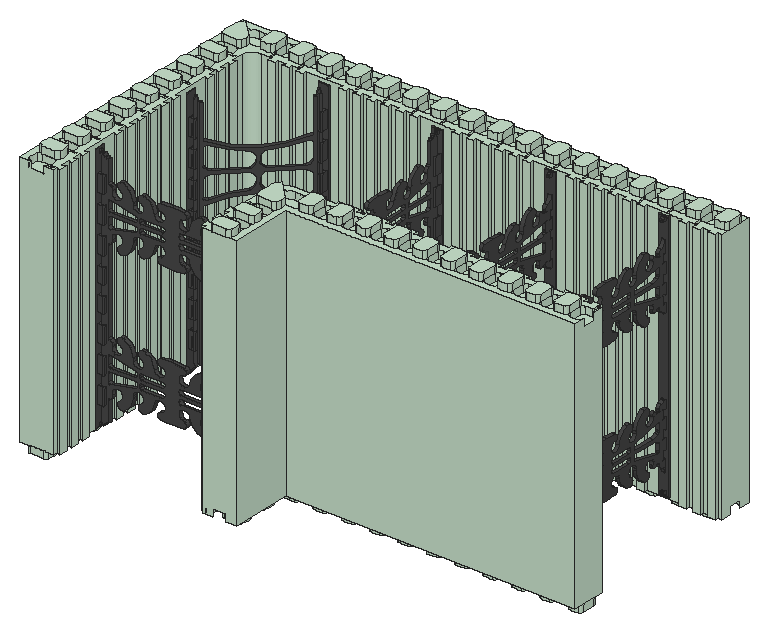
Revit family "ICF- NUDURA 10-inch- 90 Degree Form Unit- Imperial", category Generic Models, Revit 2010
Reference planes (in)
  plane 1 "Center (Front/Back)": y = 0
  plane 2: z = 0
  plane 3 "Center (Left/Right)": x = 0
  plane 4: y = -5
  plane 5: y = 5
  plane 6: x = 5
  plane 7: x = -5
  plane 8: x = 28
  plane 9: y = -12
  plane 10: z = 18
  plane 11: x = 7.625
  plane 12: x = -7.625
  plane 13: y = 7.625
Forms (in)
  Extrusion 1, solid, material "NUDURA Expanded Polystyrene Foam Insulation"
    sketch origin (0, 0, 0) x (1, 0, 0) y (0, 1, 0)
      loop
        line (-7.625, 7.625) -> (-7.625, -12) -> (-5.25, -12) -> (-5.25, -11.71883) -> (-5, -11.78117) -> (-5, -11.21883) -> (-5.25, -11.28117) -> (-5.25, -10.71883) -> (-5, -10.78117) -> (-5, -10.21883) -> (-5.25, -10.28117) -> (-5.25, -9.71883) -> (-5, -9.78117) -> (-5, -9.21883) -> (-5.25, -9.28117) -> (-5.25, -6.71883) -> (-5, -6.78117) -> (-5, -6.21883) -> (-5.25, -6.28117) -> (-5.25, -5.71883) -> (-5, -5.78117) -> (-5, -5.21883) -> (-5.25, -5.28117) -> (-5.25, -4.71883) -> (-5, -4.78117) -> (-5, -4.21883) -> (-5.25, -4.28117) -> (-5.25, -3.71883) -> (-5, -3.78117) -> (-5, -3.21883) -> (-5.25, -3.28117) -> (-5.25, -2.71883) -> (-5, -2.78117) -> (-5, -2.21883) -> (-5.25, -2.28117) -> (-5.25, -1.71883) -> (-5, -1.78117) -> (-5, -1.21883) -> (-5.25, -1.28117) -> (-5.25, 1.28117) -> (-5, 1.21883) -> (-5, 1.78117) -> (-5.25, 1.71883) -> (-5.25, 2.28117) -> (-5, 2.21883) -> (-5, 2.78117) -> (-5.25, 2.71883) -> (-5.25, 3.28117) -> (-5, 3.21883) -> (-5, 3.78117) -> (-5.25, 3.71883) -> (-5.25, 4.51944)
        arc (-5.25, 4.51944) -> (-5.02357, 5.03725) -> (-4.5, 5.25) r 0.75
        line (-4.5, 5.25) -> (-3.71883, 5.25) -> (-3.78117, 5) -> (-3.21883, 5) -> (-3.28117, 5.25) -> (-2.71883, 5.25) -> (-2.78117, 5) -> (-2.21883, 5) -> (-2.28117, 5.25) -> (-1.71883, 5.25) -> (-1.78117, 5) -> (-1.21883, 5) -> (-1.28117, 5.25) -> (1.28117, 5.25) -> (1.21883, 5) -> (1.78117, 5) -> (1.71883, 5.25) -> (2.28117, 5.25) -> (2.21883, 5) -> (2.78117, 5) -> (2.71883, 5.25) -> (3.28117, 5.25) -> (3.21883, 5) -> (3.78117, 5) -> (3.71883, 5.25) -> (4.28117, 5.25) -> (4.21883, 5) -> (4.78117, 5) -> (4.71883, 5.25) -> (5.28117, 5.25) -> (5.21883, 5) -> (5.78117, 5) -> (5.71883, 5.25) -> (6.28117, 5.25) -> (6.21883, 5) -> (6.78117, 5) -> (6.71883, 5.25) -> (9.28117, 5.25) -> (9.21883, 5) -> (9.78117, 5) -> (9.71883, 5.25) -> (10.28117, 5.25) -> (10.21883, 5) -> (10.78117, 5) -> (10.71883, 5.25) -> (11.28117, 5.25) -> (11.21883, 5) -> (11.78117, 5) -> (11.71883, 5.25) -> (12.28117, 5.25) -> (12.21883, 5) -> (12.78117, 5) -> (12.71883, 5.25) -> (13.28117, 5.25) -> (13.21883, 5) -> (13.78117, 5) -> (13.71883, 5.25) -> (14.28117, 5.25) -> (14.21883, 5) -> (14.78117, 5) -> (14.71883, 5.25) -> (17.28117, 5.25) -> (17.21883, 5) -> (17.78117, 5) -> (17.71883, 5.25) -> (18.28117, 5.25) -> (18.21883, 5) -> (18.78117, 5) -> (18.71883, 5.25) -> (19.28117, 5.25) -> (19.21883, 5) -> (19.78117, 5) -> (19.71883, 5.25) -> (20.28117, 5.25) -> (20.21883, 5) -> (20.78117, 5) -> (20.71883, 5.25) -> (21.28117, 5.25) -> (21.21883, 5) -> (21.78117, 5) -> (21.71883, 5.25) -> (22.28117, 5.25) -> (22.21883, 5) -> (22.78117, 5) -> (22.71883, 5.25) -> (25.28117, 5.25) -> (25.21883, 5) -> (25.78117, 5) -> (25.71883, 5.25) -> (26.28117, 5.25) -> (26.21883, 5) -> (26.78117, 5) -> (26.71883, 5.25) -> (27.28117, 5.25) -> (27.21883, 5) -> (27.78117, 5) -> (27.71883, 5.25) -> (28, 5.25) -> (28, 7.625) -> (-7.625, 7.625)
      loop
        line (7.625, -7.625) -> (28, -7.625) -> (28, -5.25) -> (27.71883, -5.25) -> (27.78117, -5) -> (27.21883, -5) -> (27.28117, -5.25) -> (26.71883, -5.25) -> (26.78117, -5) -> (26.21883, -5) -> (26.28117, -5.25) -> (25.71883, -5.25) -> (25.78117, -5) -> (25.21883, -5) -> (25.28117, -5.25) -> (22.71883, -5.25) -> (22.78117, -5) -> (22.21883, -5) -> (22.28117, -5.25) -> (21.71883, -5.25) -> (21.78117, -5) -> (21.21883, -5) -> (21.28117, -5.25) -> (20.71883, -5.25) -> (20.78117, -5) -> (20.21883, -5) -> (20.28117, -5.25) -> (19.71883, -5.25) -> (19.78117, -5) -> (19.21883, -5) -> (19.28117, -5.25) -> (18.71883, -5.25) -> (18.78117, -5) -> (18.21883, -5) -> (18.28117, -5.25) -> (17.71883, -5.25) -> (17.78117, -5) -> (17.21883, -5) -> (17.28117, -5.25) -> (14.71883, -5.25) -> (14.78117, -5) -> (14.21883, -5) -> (14.28117, -5.25) -> (13.71883, -5.25) -> (13.78117, -5) -> (13.21883, -5) -> (13.28117, -5.25) -> (12.71883, -5.25) -> (12.78117, -5) -> (12.21883, -5) -> (12.28117, -5.25) -> (11.71883, -5.25) -> (11.78117, -5) -> (11.21883, -5) -> (11.28117, -5.25) -> (10.71883, -5.25) -> (10.78117, -5) -> (10.21883, -5) -> (10.28117, -5.25) -> (9.71883, -5.25) -> (9.78117, -5) -> (9.21883, -5) -> (9.28117, -5.25) -> (6.5, -5.25)
        arc (6.5, -5.25) -> (5.61612, -5.61612) -> (5.25, -6.5) r 1.25
        line (5.25, -6.5) -> (5.25, -9.28117) -> (5, -9.21883) -> (5, -9.78117) -> (5.25, -9.71883) -> (5.25, -10.28117) -> (5, -10.21883) -> (5, -10.78117) -> (5.25, -10.71883) -> (5.25, -11.28117) -> (5, -11.21883) -> (5, -11.78117) -> (5.25, -11.71883) -> (5.25, -12) -> (7.625, -12) -> (7.625, -7.625)
    from 0 to 18
  Extrusion 2, solid, material "NUDURA Expanded Polystyrene Foam Insulation"
    sketch origin (2, -2, 0) x (1, 0, 0) y (0, 1, 0)
      loop
        arc (3.6875, -5.5) -> (3.70047, -5.66548) -> (3.73905, -5.82692) r 1.0625
        arc (3.73905, -5.82692) -> (3.82983, -5.95215) -> (3.97692, -6) r 0.25
        line (3.97692, -6) -> (4.89808, -6)
        arc (4.89808, -6) -> (5.04517, -5.95215) -> (5.13595, -5.82692) r 0.25
        arc (5.13595, -5.82692) -> (5.17453, -5.66548) -> (5.1875, -5.5) r 1.0625
        line (5.1875, -5.5) -> (5.1875, -5.1875) -> (3.98039, -3.98039)
        arc (3.98039, -3.98039) -> (3.76362, -4.30482) -> (3.6875, -4.6875) r 1
        line (3.6875, -4.6875) -> (3.6875, -5.5)
    from 18 to 18.5
  Extrusion 3, solid, material "NUDURA Expanded Polystyrene Foam Insulation"
    sketch origin (-2, 2, 0) x (1, 0, 0) y (0, 1, 0)
      loop
        arc (-3.97692, 3) -> (-3.82983, 3.04785) -> (-3.73905, 3.17308) r 0.25
        arc (-3.73905, 3.17308) -> (-3.70047, 3.33452) -> (-3.6875, 3.5) r 1.0625
        line (-3.6875, 3.5) -> (-3.6875, 3.6875) -> (-4.89461, 4.89461)
        arc (-4.89461, 4.89461) -> (-5.11138, 4.57018) -> (-5.1875, 4.1875) r 1
        line (-5.1875, 4.1875) -> (-5.1875, 3.5)
        arc (-5.1875, 3.5) -> (-5.17453, 3.33452) -> (-5.13595, 3.17308) r 1.0625
        arc (-5.13595, 3.17308) -> (-5.04517, 3.04785) -> (-4.89808, 3) r 0.25
        line (-4.89808, 3) -> (-3.97692, 3)
    from 18 to 18.5
  Extrusion 4, void
    sketch origin (-2, 2, 0) x (1, 0, 0) y (0, 1, 0)
      loop
        arc (-5.13595, -9.82692) -> (-5.04517, -9.95215) -> (-4.89808, -10) r 0.25
        line (-4.89808, -10) -> (-3.97692, -10)
        arc (-3.97692, -10) -> (-3.88568, -9.98276) -> (-3.80702, -9.9334) r 0.25
        arc (-3.80702, -9.9334) -> (-3.78736, -9.92106) -> (-3.76455, -9.91675) r 0.0625
        line (-3.76455, -9.91675) -> (-3.41845, -9.91675) -> (-3.41845, -9.74592) -> (-3.64005, -9.74592)
        arc (-3.64005, -9.74592) -> (-3.68771, -9.72385) -> (-3.70172, -9.67323) r 0.0625
        arc (-3.70172, -9.67323) -> (-3.69045, -9.42092) -> (-3.73905, -9.17308) r 1.0625
        arc (-3.73905, -9.17308) -> (-3.82983, -9.04785) -> (-3.97692, -9) r 0.25
        line (-3.97692, -9) -> (-4.89808, -9)
        arc (-4.89808, -9) -> (-5.04517, -9.04785) -> (-5.13595, -9.17308) r 0.25
        arc (-5.13595, -9.17308) -> (-5.1875, -9.5) -> (-5.13595, -9.82692) r 1.0625
    from 18 to 17.5
  Extrusion 5, void
    sketch origin (-2, 4, 0) x (1, 0, 0) y (0, 1, 0)
      loop
        arc (-5.13595, -9.82692) -> (-5.04517, -9.95215) -> (-4.89808, -10) r 0.25
        line (-4.89808, -10) -> (-3.97692, -10)
        arc (-3.97692, -10) -> (-3.88568, -9.98276) -> (-3.80702, -9.9334) r 0.25
        arc (-3.80702, -9.9334) -> (-3.78736, -9.92106) -> (-3.76455, -9.91675) r 0.0625
        line (-3.76455, -9.91675) -> (-3.41845, -9.91675) -> (-3.41845, -9.74592) -> (-3.64005, -9.74592)
        arc (-3.64005, -9.74592) -> (-3.68771, -9.72385) -> (-3.70172, -9.67323) r 0.0625
        arc (-3.70172, -9.67323) -> (-3.69045, -9.42092) -> (-3.73905, -9.17308) r 1.0625
        arc (-3.73905, -9.17308) -> (-3.82983, -9.04785) -> (-3.97692, -9) r 0.25
        line (-3.97692, -9) -> (-4.89808, -9)
        arc (-4.89808, -9) -> (-5.04517, -9.04785) -> (-5.13595, -9.17308) r 0.25
        arc (-5.13595, -9.17308) -> (-5.1875, -9.5) -> (-5.13595, -9.82692) r 1.0625
    from 18 to 17.5
  Extrusion 6, void
    sketch origin (-2, 6, 0) x (1, 0, 0) y (0, 1, 0)
      loop
        arc (-5.13595, -9.82692) -> (-5.04517, -9.95215) -> (-4.89808, -10) r 0.25
        line (-4.89808, -10) -> (-3.97692, -10)
        arc (-3.97692, -10) -> (-3.88568, -9.98276) -> (-3.80702, -9.9334) r 0.25
        arc (-3.80702, -9.9334) -> (-3.78736, -9.92106) -> (-3.76455, -9.91675) r 0.0625
        line (-3.76455, -9.91675) -> (-3.41845, -9.91675) -> (-3.41845, -9.74592) -> (-3.64005, -9.74592)
        arc (-3.64005, -9.74592) -> (-3.68771, -9.72385) -> (-3.70172, -9.67323) r 0.0625
        arc (-3.70172, -9.67323) -> (-3.69045, -9.42092) -> (-3.73905, -9.17308) r 1.0625
        arc (-3.73905, -9.17308) -> (-3.82983, -9.04785) -> (-3.97692, -9) r 0.25
        line (-3.97692, -9) -> (-4.89808, -9)
        arc (-4.89808, -9) -> (-5.04517, -9.04785) -> (-5.13595, -9.17308) r 0.25
        arc (-5.13595, -9.17308) -> (-5.1875, -9.5) -> (-5.13595, -9.82692) r 1.0625
    from 18 to 17.5
  Extrusion 7, void
    sketch origin (-2, 8, 0) x (1, 0, 0) y (0, 1, 0)
      loop
        arc (-5.13595, -9.82692) -> (-5.04517, -9.95215) -> (-4.89808, -10) r 0.25
        line (-4.89808, -10) -> (-3.97692, -10)
        arc (-3.97692, -10) -> (-3.88568, -9.98276) -> (-3.80702, -9.9334) r 0.25
        arc (-3.80702, -9.9334) -> (-3.78736, -9.92106) -> (-3.76455, -9.91675) r 0.0625
        line (-3.76455, -9.91675) -> (-3.41845, -9.91675) -> (-3.41845, -9.74592) -> (-3.64005, -9.74592)
        arc (-3.64005, -9.74592) -> (-3.68771, -9.72385) -> (-3.70172, -9.67323) r 0.0625
        arc (-3.70172, -9.67323) -> (-3.69045, -9.42092) -> (-3.73905, -9.17308) r 1.0625
        arc (-3.73905, -9.17308) -> (-3.82983, -9.04785) -> (-3.97692, -9) r 0.25
        line (-3.97692, -9) -> (-4.89808, -9)
        arc (-4.89808, -9) -> (-5.04517, -9.04785) -> (-5.13595, -9.17308) r 0.25
        arc (-5.13595, -9.17308) -> (-5.1875, -9.5) -> (-5.13595, -9.82692) r 1.0625
    from 18 to 17.5
  Extrusion 8, void
    sketch origin (-2, 10, 0) x (1, 0, 0) y (0, 1, 0)
      loop
        arc (-5.13595, -9.82692) -> (-5.04517, -9.95215) -> (-4.89808, -10) r 0.25
        line (-4.89808, -10) -> (-3.97692, -10)
        arc (-3.97692, -10) -> (-3.88568, -9.98276) -> (-3.80702, -9.9334) r 0.25
        arc (-3.80702, -9.9334) -> (-3.78736, -9.92106) -> (-3.76455, -9.91675) r 0.0625
        line (-3.76455, -9.91675) -> (-3.41845, -9.91675) -> (-3.41845, -9.74592) -> (-3.64005, -9.74592)
        arc (-3.64005, -9.74592) -> (-3.68771, -9.72385) -> (-3.70172, -9.67323) r 0.0625
        arc (-3.70172, -9.67323) -> (-3.69045, -9.42092) -> (-3.73905, -9.17308) r 1.0625
        arc (-3.73905, -9.17308) -> (-3.82983, -9.04785) -> (-3.97692, -9) r 0.25
        line (-3.97692, -9) -> (-4.89808, -9)
        arc (-4.89808, -9) -> (-5.04517, -9.04785) -> (-5.13595, -9.17308) r 0.25
        arc (-5.13595, -9.17308) -> (-5.1875, -9.5) -> (-5.13595, -9.82692) r 1.0625
    from 18 to 17.5
  Extrusion 9, void
    sketch origin (-2, 12, 0) x (1, 0, 0) y (0, 1, 0)
      loop
        arc (-5.13595, -9.82692) -> (-5.04517, -9.95215) -> (-4.89808, -10) r 0.25
        line (-4.89808, -10) -> (-3.97692, -10)
        arc (-3.97692, -10) -> (-3.88568, -9.98276) -> (-3.80702, -9.9334) r 0.25
        arc (-3.80702, -9.9334) -> (-3.78736, -9.92106) -> (-3.76455, -9.91675) r 0.0625
        line (-3.76455, -9.91675) -> (-3.41845, -9.91675) -> (-3.41845, -9.74592) -> (-3.64005, -9.74592)
        arc (-3.64005, -9.74592) -> (-3.68771, -9.72385) -> (-3.70172, -9.67323) r 0.0625
        arc (-3.70172, -9.67323) -> (-3.69045, -9.42092) -> (-3.73905, -9.17308) r 1.0625
        arc (-3.73905, -9.17308) -> (-3.82983, -9.04785) -> (-3.97692, -9) r 0.25
        line (-3.97692, -9) -> (-4.89808, -9)
        arc (-4.89808, -9) -> (-5.04517, -9.04785) -> (-5.13595, -9.17308) r 0.25
        arc (-5.13595, -9.17308) -> (-5.1875, -9.5) -> (-5.13595, -9.82692) r 1.0625
    from 18 to 17.5
  Extrusion 10, void
    sketch origin (-2, 14, 0) x (1, 0, 0) y (0, 1, 0)
      loop
        arc (-5.13595, -9.82692) -> (-5.04517, -9.95215) -> (-4.89808, -10) r 0.25
        line (-4.89808, -10) -> (-3.97692, -10)
        arc (-3.97692, -10) -> (-3.88568, -9.98276) -> (-3.80702, -9.9334) r 0.25
        arc (-3.80702, -9.9334) -> (-3.78736, -9.92106) -> (-3.76455, -9.91675) r 0.0625
        line (-3.76455, -9.91675) -> (-3.41845, -9.91675) -> (-3.41845, -9.74592) -> (-3.64005, -9.74592)
        arc (-3.64005, -9.74592) -> (-3.68771, -9.72385) -> (-3.70172, -9.67323) r 0.0625
        arc (-3.70172, -9.67323) -> (-3.69045, -9.42092) -> (-3.73905, -9.17308) r 1.0625
        arc (-3.73905, -9.17308) -> (-3.82983, -9.04785) -> (-3.97692, -9) r 0.25
        line (-3.97692, -9) -> (-4.89808, -9)
        arc (-4.89808, -9) -> (-5.04517, -9.04785) -> (-5.13595, -9.17308) r 0.25
        arc (-5.13595, -9.17308) -> (-5.1875, -9.5) -> (-5.13595, -9.82692) r 1.0625
    from 18 to 17.5
  Extrusion 11, void
    sketch origin (2, -2, 0) x (1, 0, 0) y (0, 1, 0)
      loop
        line (3.97692, -9) -> (4.89808, -9)
        arc (4.89808, -9) -> (5.04517, -8.95215) -> (5.13595, -8.82692) r 0.25
        arc (5.13595, -8.82692) -> (5.1875, -8.5) -> (5.13595, -8.17308) r 1.0625
        arc (5.13595, -8.17308) -> (5.04517, -8.04785) -> (4.89808, -8) r 0.25
        line (4.89808, -8) -> (3.97692, -8)
        arc (3.97692, -8) -> (3.88568, -8.01724) -> (3.80702, -8.0666) r 0.25
        arc (3.80702, -8.0666) -> (3.78736, -8.07894) -> (3.76455, -8.08325) r 0.0625
        line (3.76455, -8.08325) -> (3.41845, -8.08325) -> (3.41845, -8.25408) -> (3.64005, -8.25408)
        arc (3.64005, -8.25408) -> (3.68771, -8.27615) -> (3.70172, -8.32677) r 0.0625
        arc (3.70172, -8.32677) -> (3.69045, -8.57908) -> (3.73905, -8.82692) r 1.0625
        arc (3.73905, -8.82692) -> (3.82983, -8.95215) -> (3.97692, -9) r 0.25
    from 18 to 17.5
  Extrusion 12, void
    sketch origin (2, 0, 0) x (1, 0, 0) y (0, 1, 0)
      loop
        line (3.97692, -9) -> (4.89808, -9)
        arc (4.89808, -9) -> (5.04517, -8.95215) -> (5.13595, -8.82692) r 0.25
        arc (5.13595, -8.82692) -> (5.1875, -8.5) -> (5.13595, -8.17308) r 1.0625
        arc (5.13595, -8.17308) -> (5.04517, -8.04785) -> (4.89808, -8) r 0.25
        line (4.89808, -8) -> (3.97692, -8)
        arc (3.97692, -8) -> (3.88568, -8.01724) -> (3.80702, -8.0666) r 0.25
        arc (3.80702, -8.0666) -> (3.78736, -8.07894) -> (3.76455, -8.08325) r 0.0625
        line (3.76455, -8.08325) -> (3.41845, -8.08325) -> (3.41845, -8.25408) -> (3.64005, -8.25408)
        arc (3.64005, -8.25408) -> (3.68771, -8.27615) -> (3.70172, -8.32677) r 0.0625
        arc (3.70172, -8.32677) -> (3.69045, -8.57908) -> (3.73905, -8.82692) r 1.0625
        arc (3.73905, -8.82692) -> (3.82983, -8.95215) -> (3.97692, -9) r 0.25
    from 18 to 17.5
  Extrusion 13, void
    sketch origin (-2, 2, 0) x (1, 0, 0) y (0, 1, 0)
      loop
        arc (-4.1875, 5.1875) -> (-4.57018, 5.11138) -> (-4.89461, 4.89461) r 1
        line (-4.89461, 4.89461) -> (-3.6875, 3.6875) -> (-3.5, 3.6875)
        arc (-3.5, 3.6875) -> (-3.33452, 3.70047) -> (-3.17308, 3.73905) r 1.0625
        arc (-3.17308, 3.73905) -> (-3.04785, 3.82983) -> (-3, 3.97692) r 0.25
        line (-3, 3.97692) -> (-3, 4.89808)
        arc (-3, 4.89808) -> (-3.04785, 5.04517) -> (-3.17308, 5.13595) r 0.25
        arc (-3.17308, 5.13595) -> (-3.33452, 5.17453) -> (-3.5, 5.1875) r 1.0625
        line (-3.5, 5.1875) -> (-4.1875, 5.1875)
    from 18 to 17.5
  Extrusion 14, void
    sketch origin (2, -2, 0) x (1, 0, 0) y (0, 1, 0)
      loop
        arc (4.6875, -3.6875) -> (4.30482, -3.76362) -> (3.98039, -3.98039) r 1
        line (3.98039, -3.98039) -> (5.1875, -5.1875) -> (5.5, -5.1875)
        arc (5.5, -5.1875) -> (5.66548, -5.17453) -> (5.82692, -5.13595) r 1.0625
        arc (5.82692, -5.13595) -> (5.95215, -5.04517) -> (6, -4.89808) r 0.25
        line (6, -4.89808) -> (6, -3.97692)
        arc (6, -3.97692) -> (5.98276, -3.88568) -> (5.9334, -3.80702) r 0.25
        arc (5.9334, -3.80702) -> (5.92106, -3.78736) -> (5.91675, -3.76455) r 0.0625
        line (5.91675, -3.76455) -> (5.91675, -3.41845) -> (5.74592, -3.41845) -> (5.74592, -3.64005)
        arc (5.74592, -3.64005) -> (5.72385, -3.68771) -> (5.67323, -3.70172) r 0.0625
        arc (5.67323, -3.70172) -> (5.58691, -3.69106) -> (5.5, -3.6875) r 1.0625
        line (5.5, -3.6875) -> (4.6875, -3.6875)
    from 18 to 17.5
  Extrusion 15, void
    sketch origin (2, -2, 0) x (1, 0, 0) y (0, 1, 0)
      loop
        line (7, -3.97692) -> (7, -4.89808)
        arc (7, -4.89808) -> (7.04785, -5.04517) -> (7.17308, -5.13595) r 0.25
        arc (7.17308, -5.13595) -> (7.5, -5.1875) -> (7.82692, -5.13595) r 1.0625
        arc (7.82692, -5.13595) -> (7.95215, -5.04517) -> (8, -4.89808) r 0.25
        line (8, -4.89808) -> (8, -3.97692)
        arc (8, -3.97692) -> (7.98276, -3.88568) -> (7.9334, -3.80702) r 0.25
        arc (7.9334, -3.80702) -> (7.92106, -3.78736) -> (7.91675, -3.76455) r 0.0625
        line (7.91675, -3.76455) -> (7.91675, -3.41845) -> (7.74592, -3.41845) -> (7.74592, -3.64005)
        arc (7.74592, -3.64005) -> (7.72385, -3.68771) -> (7.67323, -3.70172) r 0.0625
        arc (7.67323, -3.70172) -> (7.42092, -3.69045) -> (7.17308, -3.73905) r 1.0625
        arc (7.17308, -3.73905) -> (7.04785, -3.82983) -> (7, -3.97692) r 0.25
    from 18 to 17.5
  Extrusion 16, void
    sketch origin (4, -2, 0) x (1, 0, 0) y (0, 1, 0)
      loop
        line (7, -3.97692) -> (7, -4.89808)
        arc (7, -4.89808) -> (7.04785, -5.04517) -> (7.17308, -5.13595) r 0.25
        arc (7.17308, -5.13595) -> (7.5, -5.1875) -> (7.82692, -5.13595) r 1.0625
        arc (7.82692, -5.13595) -> (7.95215, -5.04517) -> (8, -4.89808) r 0.25
        line (8, -4.89808) -> (8, -3.97692)
        arc (8, -3.97692) -> (7.98276, -3.88568) -> (7.9334, -3.80702) r 0.25
        arc (7.9334, -3.80702) -> (7.92106, -3.78736) -> (7.91675, -3.76455) r 0.0625
        line (7.91675, -3.76455) -> (7.91675, -3.41845) -> (7.74592, -3.41845) -> (7.74592, -3.64005)
        arc (7.74592, -3.64005) -> (7.72385, -3.68771) -> (7.67323, -3.70172) r 0.0625
        arc (7.67323, -3.70172) -> (7.42092, -3.69045) -> (7.17308, -3.73905) r 1.0625
        arc (7.17308, -3.73905) -> (7.04785, -3.82983) -> (7, -3.97692) r 0.25
    from 18 to 17.5
  Extrusion 17, void
    sketch origin (6, -2, 0) x (1, 0, 0) y (0, 1, 0)
      loop
        line (7, -3.97692) -> (7, -4.89808)
        arc (7, -4.89808) -> (7.04785, -5.04517) -> (7.17308, -5.13595) r 0.25
        arc (7.17308, -5.13595) -> (7.5, -5.1875) -> (7.82692, -5.13595) r 1.0625
        arc (7.82692, -5.13595) -> (7.95215, -5.04517) -> (8, -4.89808) r 0.25
        line (8, -4.89808) -> (8, -3.97692)
        arc (8, -3.97692) -> (7.98276, -3.88568) -> (7.9334, -3.80702) r 0.25
        arc (7.9334, -3.80702) -> (7.92106, -3.78736) -> (7.91675, -3.76455) r 0.0625
        line (7.91675, -3.76455) -> (7.91675, -3.41845) -> (7.74592, -3.41845) -> (7.74592, -3.64005)
        arc (7.74592, -3.64005) -> (7.72385, -3.68771) -> (7.67323, -3.70172) r 0.0625
        arc (7.67323, -3.70172) -> (7.42092, -3.69045) -> (7.17308, -3.73905) r 1.0625
        arc (7.17308, -3.73905) -> (7.04785, -3.82983) -> (7, -3.97692) r 0.25
    from 18 to 17.5
  Extrusion 18, void
    sketch origin (8, -2, 0) x (1, 0, 0) y (0, 1, 0)
      loop
        line (7, -3.97692) -> (7, -4.89808)
        arc (7, -4.89808) -> (7.04785, -5.04517) -> (7.17308, -5.13595) r 0.25
        arc (7.17308, -5.13595) -> (7.5, -5.1875) -> (7.82692, -5.13595) r 1.0625
        arc (7.82692, -5.13595) -> (7.95215, -5.04517) -> (8, -4.89808) r 0.25
        line (8, -4.89808) -> (8, -3.97692)
        arc (8, -3.97692) -> (7.98276, -3.88568) -> (7.9334, -3.80702) r 0.25
        arc (7.9334, -3.80702) -> (7.92106, -3.78736) -> (7.91675, -3.76455) r 0.0625
        line (7.91675, -3.76455) -> (7.91675, -3.41845) -> (7.74592, -3.41845) -> (7.74592, -3.64005)
        arc (7.74592, -3.64005) -> (7.72385, -3.68771) -> (7.67323, -3.70172) r 0.0625
        arc (7.67323, -3.70172) -> (7.42092, -3.69045) -> (7.17308, -3.73905) r 1.0625
        arc (7.17308, -3.73905) -> (7.04785, -3.82983) -> (7, -3.97692) r 0.25
    from 18 to 17.5
  Extrusion 19, void
    sketch origin (10, -2, 0) x (1, 0, 0) y (0, 1, 0)
      loop
        line (7, -3.97692) -> (7, -4.89808)
        arc (7, -4.89808) -> (7.04785, -5.04517) -> (7.17308, -5.13595) r 0.25
        arc (7.17308, -5.13595) -> (7.5, -5.1875) -> (7.82692, -5.13595) r 1.0625
        arc (7.82692, -5.13595) -> (7.95215, -5.04517) -> (8, -4.89808) r 0.25
        line (8, -4.89808) -> (8, -3.97692)
        arc (8, -3.97692) -> (7.98276, -3.88568) -> (7.9334, -3.80702) r 0.25
        arc (7.9334, -3.80702) -> (7.92106, -3.78736) -> (7.91675, -3.76455) r 0.0625
        line (7.91675, -3.76455) -> (7.91675, -3.41845) -> (7.74592, -3.41845) -> (7.74592, -3.64005)
        arc (7.74592, -3.64005) -> (7.72385, -3.68771) -> (7.67323, -3.70172) r 0.0625
        arc (7.67323, -3.70172) -> (7.42092, -3.69045) -> (7.17308, -3.73905) r 1.0625
        arc (7.17308, -3.73905) -> (7.04785, -3.82983) -> (7, -3.97692) r 0.25
    from 18 to 17.5
  Extrusion 20, void
    sketch origin (12, -2, 0) x (1, 0, 0) y (0, 1, 0)
      loop
        line (7, -3.97692) -> (7, -4.89808)
        arc (7, -4.89808) -> (7.04785, -5.04517) -> (7.17308, -5.13595) r 0.25
        arc (7.17308, -5.13595) -> (7.5, -5.1875) -> (7.82692, -5.13595) r 1.0625
        arc (7.82692, -5.13595) -> (7.95215, -5.04517) -> (8, -4.89808) r 0.25
        line (8, -4.89808) -> (8, -3.97692)
        arc (8, -3.97692) -> (7.98276, -3.88568) -> (7.9334, -3.80702) r 0.25
        arc (7.9334, -3.80702) -> (7.92106, -3.78736) -> (7.91675, -3.76455) r 0.0625
        line (7.91675, -3.76455) -> (7.91675, -3.41845) -> (7.74592, -3.41845) -> (7.74592, -3.64005)
        arc (7.74592, -3.64005) -> (7.72385, -3.68771) -> (7.67323, -3.70172) r 0.0625
        arc (7.67323, -3.70172) -> (7.42092, -3.69045) -> (7.17308, -3.73905) r 1.0625
        arc (7.17308, -3.73905) -> (7.04785, -3.82983) -> (7, -3.97692) r 0.25
    from 18 to 17.5
  Extrusion 21, void
    sketch origin (14, -2, 0) x (1, 0, 0) y (0, 1, 0)
      loop
        line (7, -3.97692) -> (7, -4.89808)
        arc (7, -4.89808) -> (7.04785, -5.04517) -> (7.17308, -5.13595) r 0.25
        arc (7.17308, -5.13595) -> (7.5, -5.1875) -> (7.82692, -5.13595) r 1.0625
        arc (7.82692, -5.13595) -> (7.95215, -5.04517) -> (8, -4.89808) r 0.25
        line (8, -4.89808) -> (8, -3.97692)
        arc (8, -3.97692) -> (7.98276, -3.88568) -> (7.9334, -3.80702) r 0.25
        arc (7.9334, -3.80702) -> (7.92106, -3.78736) -> (7.91675, -3.76455) r 0.0625
        line (7.91675, -3.76455) -> (7.91675, -3.41845) -> (7.74592, -3.41845) -> (7.74592, -3.64005)
        arc (7.74592, -3.64005) -> (7.72385, -3.68771) -> (7.67323, -3.70172) r 0.0625
        arc (7.67323, -3.70172) -> (7.42092, -3.69045) -> (7.17308, -3.73905) r 1.0625
        arc (7.17308, -3.73905) -> (7.04785, -3.82983) -> (7, -3.97692) r 0.25
    from 18 to 17.5
  Extrusion 22, void
    sketch origin (16, -2, 0) x (1, 0, 0) y (0, 1, 0)
      loop
        line (7, -3.97692) -> (7, -4.89808)
        arc (7, -4.89808) -> (7.04785, -5.04517) -> (7.17308, -5.13595) r 0.25
        arc (7.17308, -5.13595) -> (7.5, -5.1875) -> (7.82692, -5.13595) r 1.0625
        arc (7.82692, -5.13595) -> (7.95215, -5.04517) -> (8, -4.89808) r 0.25
        line (8, -4.89808) -> (8, -3.97692)
        arc (8, -3.97692) -> (7.98276, -3.88568) -> (7.9334, -3.80702) r 0.25
        arc (7.9334, -3.80702) -> (7.92106, -3.78736) -> (7.91675, -3.76455) r 0.0625
        line (7.91675, -3.76455) -> (7.91675, -3.41845) -> (7.74592, -3.41845) -> (7.74592, -3.64005)
        arc (7.74592, -3.64005) -> (7.72385, -3.68771) -> (7.67323, -3.70172) r 0.0625
        arc (7.67323, -3.70172) -> (7.42092, -3.69045) -> (7.17308, -3.73905) r 1.0625
        arc (7.17308, -3.73905) -> (7.04785, -3.82983) -> (7, -3.97692) r 0.25
    from 18 to 17.5
  Extrusion 23, void
    sketch origin (18, -2, 0) x (1, 0, 0) y (0, 1, 0)
      loop
        line (7, -3.97692) -> (7, -4.89808)
        arc (7, -4.89808) -> (7.04785, -5.04517) -> (7.17308, -5.13595) r 0.25
        arc (7.17308, -5.13595) -> (7.5, -5.1875) -> (7.82692, -5.13595) r 1.0625
        arc (7.82692, -5.13595) -> (7.95215, -5.04517) -> (8, -4.89808) r 0.25
        line (8, -4.89808) -> (8, -3.97692)
        arc (8, -3.97692) -> (7.98276, -3.88568) -> (7.9334, -3.80702) r 0.25
        arc (7.9334, -3.80702) -> (7.92106, -3.78736) -> (7.91675, -3.76455) r 0.0625
        line (7.91675, -3.76455) -> (7.91675, -3.41845) -> (7.74592, -3.41845) -> (7.74592, -3.64005)
        arc (7.74592, -3.64005) -> (7.72385, -3.68771) -> (7.67323, -3.70172) r 0.0625
        arc (7.67323, -3.70172) -> (7.42092, -3.69045) -> (7.17308, -3.73905) r 1.0625
        arc (7.17308, -3.73905) -> (7.04785, -3.82983) -> (7, -3.97692) r 0.25
    from 18 to 17.5
  Extrusion 24, void
    sketch origin (20, -2, 0) x (1, 0, 0) y (0, 1, 0)
      loop
        line (7, -3.97692) -> (7, -4.89808)
        arc (7, -4.89808) -> (7.04785, -5.04517) -> (7.17308, -5.13595) r 0.25
        arc (7.17308, -5.13595) -> (7.5, -5.1875) -> (7.82692, -5.13595) r 1.0625
        arc (7.82692, -5.13595) -> (7.95215, -5.04517) -> (8, -4.89808) r 0.25
        line (8, -4.89808) -> (8, -3.97692)
        arc (8, -3.97692) -> (7.98276, -3.88568) -> (7.9334, -3.80702) r 0.25
        arc (7.9334, -3.80702) -> (7.92106, -3.78736) -> (7.91675, -3.76455) r 0.0625
        line (7.91675, -3.76455) -> (7.91675, -3.41845) -> (7.74592, -3.41845) -> (7.74592, -3.64005)
        arc (7.74592, -3.64005) -> (7.72385, -3.68771) -> (7.67323, -3.70172) r 0.0625
        arc (7.67323, -3.70172) -> (7.42092, -3.69045) -> (7.17308, -3.73905) r 1.0625
        arc (7.17308, -3.73905) -> (7.04785, -3.82983) -> (7, -3.97692) r 0.25
    from 18 to 17.5
  Extrusion 25, void
    sketch origin (-2, 2, 0) x (1, 0, 0) y (0, 1, 0)
      loop
        arc (-1.82692, 5.13595) -> (-1.95215, 5.04517) -> (-2, 4.89808) r 0.25
        line (-2, 4.89808) -> (-2, 3.97692)
        arc (-2, 3.97692) -> (-1.98276, 3.88568) -> (-1.9334, 3.80702) r 0.25
        arc (-1.9334, 3.80702) -> (-1.92106, 3.78736) -> (-1.91675, 3.76455) r 0.0625
        line (-1.91675, 3.76455) -> (-1.91675, 3.41845) -> (-1.74592, 3.41845) -> (-1.74592, 3.64005)
        arc (-1.74592, 3.64005) -> (-1.72385, 3.68771) -> (-1.67323, 3.70172) r 0.0625
        arc (-1.67323, 3.70172) -> (-1.42092, 3.69045) -> (-1.17308, 3.73905) r 1.0625
        arc (-1.17308, 3.73905) -> (-1.04785, 3.82983) -> (-1, 3.97692) r 0.25
        line (-1, 3.97692) -> (-1, 4.89808)
        arc (-1, 4.89808) -> (-1.04785, 5.04517) -> (-1.17308, 5.13595) r 0.25
        arc (-1.17308, 5.13595) -> (-1.5, 5.1875) -> (-1.82692, 5.13595) r 1.0625
    from 18 to 17.5
  Extrusion 26, void
    sketch origin (0, 2, 0) x (1, 0, 0) y (0, 1, 0)
      loop
        arc (-1.82692, 5.13595) -> (-1.95215, 5.04517) -> (-2, 4.89808) r 0.25
        line (-2, 4.89808) -> (-2, 3.97692)
        arc (-2, 3.97692) -> (-1.98276, 3.88568) -> (-1.9334, 3.80702) r 0.25
        arc (-1.9334, 3.80702) -> (-1.92106, 3.78736) -> (-1.91675, 3.76455) r 0.0625
        line (-1.91675, 3.76455) -> (-1.91675, 3.41845) -> (-1.74592, 3.41845) -> (-1.74592, 3.64005)
        arc (-1.74592, 3.64005) -> (-1.72385, 3.68771) -> (-1.67323, 3.70172) r 0.0625
        arc (-1.67323, 3.70172) -> (-1.42092, 3.69045) -> (-1.17308, 3.73905) r 1.0625
        arc (-1.17308, 3.73905) -> (-1.04785, 3.82983) -> (-1, 3.97692) r 0.25
        line (-1, 3.97692) -> (-1, 4.89808)
        arc (-1, 4.89808) -> (-1.04785, 5.04517) -> (-1.17308, 5.13595) r 0.25
        arc (-1.17308, 5.13595) -> (-1.5, 5.1875) -> (-1.82692, 5.13595) r 1.0625
    from 18 to 17.5
  Extrusion 27, void
    sketch origin (2, 2, 0) x (1, 0, 0) y (0, 1, 0)
      loop
        arc (-1.82692, 5.13595) -> (-1.95215, 5.04517) -> (-2, 4.89808) r 0.25
        line (-2, 4.89808) -> (-2, 3.97692)
        arc (-2, 3.97692) -> (-1.98276, 3.88568) -> (-1.9334, 3.80702) r 0.25
        arc (-1.9334, 3.80702) -> (-1.92106, 3.78736) -> (-1.91675, 3.76455) r 0.0625
        line (-1.91675, 3.76455) -> (-1.91675, 3.41845) -> (-1.74592, 3.41845) -> (-1.74592, 3.64005)
        arc (-1.74592, 3.64005) -> (-1.72385, 3.68771) -> (-1.67323, 3.70172) r 0.0625
        arc (-1.67323, 3.70172) -> (-1.42092, 3.69045) -> (-1.17308, 3.73905) r 1.0625
        arc (-1.17308, 3.73905) -> (-1.04785, 3.82983) -> (-1, 3.97692) r 0.25
        line (-1, 3.97692) -> (-1, 4.89808)
        arc (-1, 4.89808) -> (-1.04785, 5.04517) -> (-1.17308, 5.13595) r 0.25
        arc (-1.17308, 5.13595) -> (-1.5, 5.1875) -> (-1.82692, 5.13595) r 1.0625
    from 18 to 17.5
  Extrusion 28, void
    sketch origin (4, 2, 0) x (1, 0, 0) y (0, 1, 0)
      loop
        arc (-1.82692, 5.13595) -> (-1.95215, 5.04517) -> (-2, 4.89808) r 0.25
        line (-2, 4.89808) -> (-2, 3.97692)
        arc (-2, 3.97692) -> (-1.98276, 3.88568) -> (-1.9334, 3.80702) r 0.25
        arc (-1.9334, 3.80702) -> (-1.92106, 3.78736) -> (-1.91675, 3.76455) r 0.0625
        line (-1.91675, 3.76455) -> (-1.91675, 3.41845) -> (-1.74592, 3.41845) -> (-1.74592, 3.64005)
        arc (-1.74592, 3.64005) -> (-1.72385, 3.68771) -> (-1.67323, 3.70172) r 0.0625
        arc (-1.67323, 3.70172) -> (-1.42092, 3.69045) -> (-1.17308, 3.73905) r 1.0625
        arc (-1.17308, 3.73905) -> (-1.04785, 3.82983) -> (-1, 3.97692) r 0.25
        line (-1, 3.97692) -> (-1, 4.89808)
        arc (-1, 4.89808) -> (-1.04785, 5.04517) -> (-1.17308, 5.13595) r 0.25
        arc (-1.17308, 5.13595) -> (-1.5, 5.1875) -> (-1.82692, 5.13595) r 1.0625
    from 18 to 17.5
  Extrusion 29, void
    sketch origin (6, 2, 0) x (1, 0, 0) y (0, 1, 0)
      loop
        arc (-1.82692, 5.13595) -> (-1.95215, 5.04517) -> (-2, 4.89808) r 0.25
        line (-2, 4.89808) -> (-2, 3.97692)
        arc (-2, 3.97692) -> (-1.98276, 3.88568) -> (-1.9334, 3.80702) r 0.25
        arc (-1.9334, 3.80702) -> (-1.92106, 3.78736) -> (-1.91675, 3.76455) r 0.0625
        line (-1.91675, 3.76455) -> (-1.91675, 3.41845) -> (-1.74592, 3.41845) -> (-1.74592, 3.64005)
        arc (-1.74592, 3.64005) -> (-1.72385, 3.68771) -> (-1.67323, 3.70172) r 0.0625
        arc (-1.67323, 3.70172) -> (-1.42092, 3.69045) -> (-1.17308, 3.73905) r 1.0625
        arc (-1.17308, 3.73905) -> (-1.04785, 3.82983) -> (-1, 3.97692) r 0.25
        line (-1, 3.97692) -> (-1, 4.89808)
        arc (-1, 4.89808) -> (-1.04785, 5.04517) -> (-1.17308, 5.13595) r 0.25
        arc (-1.17308, 5.13595) -> (-1.5, 5.1875) -> (-1.82692, 5.13595) r 1.0625
    from 18 to 17.5
  Extrusion 30, void
    sketch origin (8, 2, 0) x (1, 0, 0) y (0, 1, 0)
      loop
        arc (-1.82692, 5.13595) -> (-1.95215, 5.04517) -> (-2, 4.89808) r 0.25
        line (-2, 4.89808) -> (-2, 3.97692)
        arc (-2, 3.97692) -> (-1.98276, 3.88568) -> (-1.9334, 3.80702) r 0.25
        arc (-1.9334, 3.80702) -> (-1.92106, 3.78736) -> (-1.91675, 3.76455) r 0.0625
        line (-1.91675, 3.76455) -> (-1.91675, 3.41845) -> (-1.74592, 3.41845) -> (-1.74592, 3.64005)
        arc (-1.74592, 3.64005) -> (-1.72385, 3.68771) -> (-1.67323, 3.70172) r 0.0625
        arc (-1.67323, 3.70172) -> (-1.42092, 3.69045) -> (-1.17308, 3.73905) r 1.0625
        arc (-1.17308, 3.73905) -> (-1.04785, 3.82983) -> (-1, 3.97692) r 0.25
        line (-1, 3.97692) -> (-1, 4.89808)
        arc (-1, 4.89808) -> (-1.04785, 5.04517) -> (-1.17308, 5.13595) r 0.25
        arc (-1.17308, 5.13595) -> (-1.5, 5.1875) -> (-1.82692, 5.13595) r 1.0625
    from 18 to 17.5
  Extrusion 31, void
    sketch origin (10, 2, 0) x (1, 0, 0) y (0, 1, 0)
      loop
        arc (-1.82692, 5.13595) -> (-1.95215, 5.04517) -> (-2, 4.89808) r 0.25
        line (-2, 4.89808) -> (-2, 3.97692)
        arc (-2, 3.97692) -> (-1.98276, 3.88568) -> (-1.9334, 3.80702) r 0.25
        arc (-1.9334, 3.80702) -> (-1.92106, 3.78736) -> (-1.91675, 3.76455) r 0.0625
        line (-1.91675, 3.76455) -> (-1.91675, 3.41845) -> (-1.74592, 3.41845) -> (-1.74592, 3.64005)
        arc (-1.74592, 3.64005) -> (-1.72385, 3.68771) -> (-1.67323, 3.70172) r 0.0625
        arc (-1.67323, 3.70172) -> (-1.42092, 3.69045) -> (-1.17308, 3.73905) r 1.0625
        arc (-1.17308, 3.73905) -> (-1.04785, 3.82983) -> (-1, 3.97692) r 0.25
        line (-1, 3.97692) -> (-1, 4.89808)
        arc (-1, 4.89808) -> (-1.04785, 5.04517) -> (-1.17308, 5.13595) r 0.25
        arc (-1.17308, 5.13595) -> (-1.5, 5.1875) -> (-1.82692, 5.13595) r 1.0625
    from 18 to 17.5
  Extrusion 32, void
    sketch origin (12, 2, 0) x (1, 0, 0) y (0, 1, 0)
      loop
        arc (-1.82692, 5.13595) -> (-1.95215, 5.04517) -> (-2, 4.89808) r 0.25
        line (-2, 4.89808) -> (-2, 3.97692)
        arc (-2, 3.97692) -> (-1.98276, 3.88568) -> (-1.9334, 3.80702) r 0.25
        arc (-1.9334, 3.80702) -> (-1.92106, 3.78736) -> (-1.91675, 3.76455) r 0.0625
        line (-1.91675, 3.76455) -> (-1.91675, 3.41845) -> (-1.74592, 3.41845) -> (-1.74592, 3.64005)
        arc (-1.74592, 3.64005) -> (-1.72385, 3.68771) -> (-1.67323, 3.70172) r 0.0625
        arc (-1.67323, 3.70172) -> (-1.42092, 3.69045) -> (-1.17308, 3.73905) r 1.0625
        arc (-1.17308, 3.73905) -> (-1.04785, 3.82983) -> (-1, 3.97692) r 0.25
        line (-1, 3.97692) -> (-1, 4.89808)
        arc (-1, 4.89808) -> (-1.04785, 5.04517) -> (-1.17308, 5.13595) r 0.25
        arc (-1.17308, 5.13595) -> (-1.5, 5.1875) -> (-1.82692, 5.13595) r 1.0625
    from 18 to 17.5
  Extrusion 33, void
    sketch origin (14, 2, 0) x (1, 0, 0) y (0, 1, 0)
      loop
        arc (-1.82692, 5.13595) -> (-1.95215, 5.04517) -> (-2, 4.89808) r 0.25
        line (-2, 4.89808) -> (-2, 3.97692)
        arc (-2, 3.97692) -> (-1.98276, 3.88568) -> (-1.9334, 3.80702) r 0.25
        arc (-1.9334, 3.80702) -> (-1.92106, 3.78736) -> (-1.91675, 3.76455) r 0.0625
        line (-1.91675, 3.76455) -> (-1.91675, 3.41845) -> (-1.74592, 3.41845) -> (-1.74592, 3.64005)
        arc (-1.74592, 3.64005) -> (-1.72385, 3.68771) -> (-1.67323, 3.70172) r 0.0625
        arc (-1.67323, 3.70172) -> (-1.42092, 3.69045) -> (-1.17308, 3.73905) r 1.0625
        arc (-1.17308, 3.73905) -> (-1.04785, 3.82983) -> (-1, 3.97692) r 0.25
        line (-1, 3.97692) -> (-1, 4.89808)
        arc (-1, 4.89808) -> (-1.04785, 5.04517) -> (-1.17308, 5.13595) r 0.25
        arc (-1.17308, 5.13595) -> (-1.5, 5.1875) -> (-1.82692, 5.13595) r 1.0625
    from 18 to 17.5
  Extrusion 34, void
    sketch origin (16, 2, 0) x (1, 0, 0) y (0, 1, 0)
      loop
        arc (-1.82692, 5.13595) -> (-1.95215, 5.04517) -> (-2, 4.89808) r 0.25
        line (-2, 4.89808) -> (-2, 3.97692)
        arc (-2, 3.97692) -> (-1.98276, 3.88568) -> (-1.9334, 3.80702) r 0.25
        arc (-1.9334, 3.80702) -> (-1.92106, 3.78736) -> (-1.91675, 3.76455) r 0.0625
        line (-1.91675, 3.76455) -> (-1.91675, 3.41845) -> (-1.74592, 3.41845) -> (-1.74592, 3.64005)
        arc (-1.74592, 3.64005) -> (-1.72385, 3.68771) -> (-1.67323, 3.70172) r 0.0625
        arc (-1.67323, 3.70172) -> (-1.42092, 3.69045) -> (-1.17308, 3.73905) r 1.0625
        arc (-1.17308, 3.73905) -> (-1.04785, 3.82983) -> (-1, 3.97692) r 0.25
        line (-1, 3.97692) -> (-1, 4.89808)
        arc (-1, 4.89808) -> (-1.04785, 5.04517) -> (-1.17308, 5.13595) r 0.25
        arc (-1.17308, 5.13595) -> (-1.5, 5.1875) -> (-1.82692, 5.13595) r 1.0625
    from 18 to 17.5
  Extrusion 35, void
    sketch origin (18, 2, 0) x (1, 0, 0) y (0, 1, 0)
      loop
        arc (-1.82692, 5.13595) -> (-1.95215, 5.04517) -> (-2, 4.89808) r 0.25
        line (-2, 4.89808) -> (-2, 3.97692)
        arc (-2, 3.97692) -> (-1.98276, 3.88568) -> (-1.9334, 3.80702) r 0.25
        arc (-1.9334, 3.80702) -> (-1.92106, 3.78736) -> (-1.91675, 3.76455) r 0.0625
        line (-1.91675, 3.76455) -> (-1.91675, 3.41845) -> (-1.74592, 3.41845) -> (-1.74592, 3.64005)
        arc (-1.74592, 3.64005) -> (-1.72385, 3.68771) -> (-1.67323, 3.70172) r 0.0625
        arc (-1.67323, 3.70172) -> (-1.42092, 3.69045) -> (-1.17308, 3.73905) r 1.0625
        arc (-1.17308, 3.73905) -> (-1.04785, 3.82983) -> (-1, 3.97692) r 0.25
        line (-1, 3.97692) -> (-1, 4.89808)
        arc (-1, 4.89808) -> (-1.04785, 5.04517) -> (-1.17308, 5.13595) r 0.25
        arc (-1.17308, 5.13595) -> (-1.5, 5.1875) -> (-1.82692, 5.13595) r 1.0625
    from 18 to 17.5
  Extrusion 36, void
    sketch origin (20, 2, 0) x (1, 0, 0) y (0, 1, 0)
      loop
        arc (-1.82692, 5.13595) -> (-1.95215, 5.04517) -> (-2, 4.89808) r 0.25
        line (-2, 4.89808) -> (-2, 3.97692)
        arc (-2, 3.97692) -> (-1.98276, 3.88568) -> (-1.9334, 3.80702) r 0.25
        arc (-1.9334, 3.80702) -> (-1.92106, 3.78736) -> (-1.91675, 3.76455) r 0.0625
        line (-1.91675, 3.76455) -> (-1.91675, 3.41845) -> (-1.74592, 3.41845) -> (-1.74592, 3.64005)
        arc (-1.74592, 3.64005) -> (-1.72385, 3.68771) -> (-1.67323, 3.70172) r 0.0625
        arc (-1.67323, 3.70172) -> (-1.42092, 3.69045) -> (-1.17308, 3.73905) r 1.0625
        arc (-1.17308, 3.73905) -> (-1.04785, 3.82983) -> (-1, 3.97692) r 0.25
        line (-1, 3.97692) -> (-1, 4.89808)
        arc (-1, 4.89808) -> (-1.04785, 5.04517) -> (-1.17308, 5.13595) r 0.25
        arc (-1.17308, 5.13595) -> (-1.5, 5.1875) -> (-1.82692, 5.13595) r 1.0625
    from 18 to 17.5
  Extrusion 37, void
    sketch origin (22, 2, 0) x (1, 0, 0) y (0, 1, 0)
      loop
        arc (-1.82692, 5.13595) -> (-1.95215, 5.04517) -> (-2, 4.89808) r 0.25
        line (-2, 4.89808) -> (-2, 3.97692)
        arc (-2, 3.97692) -> (-1.98276, 3.88568) -> (-1.9334, 3.80702) r 0.25
        arc (-1.9334, 3.80702) -> (-1.92106, 3.78736) -> (-1.91675, 3.76455) r 0.0625
        line (-1.91675, 3.76455) -> (-1.91675, 3.41845) -> (-1.74592, 3.41845) -> (-1.74592, 3.64005)
        arc (-1.74592, 3.64005) -> (-1.72385, 3.68771) -> (-1.67323, 3.70172) r 0.0625
        arc (-1.67323, 3.70172) -> (-1.42092, 3.69045) -> (-1.17308, 3.73905) r 1.0625
        arc (-1.17308, 3.73905) -> (-1.04785, 3.82983) -> (-1, 3.97692) r 0.25
        line (-1, 3.97692) -> (-1, 4.89808)
        arc (-1, 4.89808) -> (-1.04785, 5.04517) -> (-1.17308, 5.13595) r 0.25
        arc (-1.17308, 5.13595) -> (-1.5, 5.1875) -> (-1.82692, 5.13595) r 1.0625
    from 18 to 17.5
  Extrusion 38, void
    sketch origin (24, 2, 0) x (1, 0, 0) y (0, 1, 0)
      loop
        arc (-1.82692, 5.13595) -> (-1.95215, 5.04517) -> (-2, 4.89808) r 0.25
        line (-2, 4.89808) -> (-2, 3.97692)
        arc (-2, 3.97692) -> (-1.98276, 3.88568) -> (-1.9334, 3.80702) r 0.25
        arc (-1.9334, 3.80702) -> (-1.92106, 3.78736) -> (-1.91675, 3.76455) r 0.0625
        line (-1.91675, 3.76455) -> (-1.91675, 3.41845) -> (-1.74592, 3.41845) -> (-1.74592, 3.64005)
        arc (-1.74592, 3.64005) -> (-1.72385, 3.68771) -> (-1.67323, 3.70172) r 0.0625
        arc (-1.67323, 3.70172) -> (-1.42092, 3.69045) -> (-1.17308, 3.73905) r 1.0625
        arc (-1.17308, 3.73905) -> (-1.04785, 3.82983) -> (-1, 3.97692) r 0.25
        line (-1, 3.97692) -> (-1, 4.89808)
        arc (-1, 4.89808) -> (-1.04785, 5.04517) -> (-1.17308, 5.13595) r 0.25
        arc (-1.17308, 5.13595) -> (-1.5, 5.1875) -> (-1.82692, 5.13595) r 1.0625
    from 18 to 17.5
  Extrusion 39, void
    sketch origin (-2, 5.40791, 0) x (1, 0, 0) y (0, 1, 0)
      loop
        arc (-5.13595, -11.58099) -> (-5.1875, -11.90791) -> (-5.13595, -12.23483) r 1.0625
        arc (-5.13595, -12.23483) -> (-5.04517, -12.36006) -> (-4.89808, -12.40791) r 0.25
        line (-4.89808, -12.40791) -> (-3.97692, -12.40791)
        arc (-3.97692, -12.40791) -> (-3.82983, -12.36006) -> (-3.73905, -12.23483) r 0.25
        arc (-3.73905, -12.23483) -> (-3.69045, -11.98699) -> (-3.70172, -11.73468) r 1.0625
        arc (-3.70172, -11.73468) -> (-3.68771, -11.68406) -> (-3.64005, -11.66199) r 0.0625
        line (-3.64005, -11.66199) -> (-3.41845, -11.66199) -> (-3.41845, -11.49116) -> (-3.76455, -11.49116)
        arc (-3.76455, -11.49116) -> (-3.78736, -11.48685) -> (-3.80702, -11.47451) r 0.0625
        arc (-3.80702, -11.47451) -> (-3.88568, -11.42516) -> (-3.97692, -11.40791) r 0.25
        line (-3.97692, -11.40791) -> (-4.89808, -11.40791)
        arc (-4.89808, -11.40791) -> (-5.04517, -11.45576) -> (-5.13595, -11.58099) r 0.25
    from 0 to 0.5
  Extrusion 40, void
    sketch origin (-2, 7.40791, 0) x (1, 0, 0) y (0, 1, 0)
      loop
        arc (-5.13595, -11.58099) -> (-5.1875, -11.90791) -> (-5.13595, -12.23483) r 1.0625
        arc (-5.13595, -12.23483) -> (-5.04517, -12.36006) -> (-4.89808, -12.40791) r 0.25
        line (-4.89808, -12.40791) -> (-3.97692, -12.40791)
        arc (-3.97692, -12.40791) -> (-3.82983, -12.36006) -> (-3.73905, -12.23483) r 0.25
        arc (-3.73905, -12.23483) -> (-3.69045, -11.98699) -> (-3.70172, -11.73468) r 1.0625
        arc (-3.70172, -11.73468) -> (-3.68771, -11.68406) -> (-3.64005, -11.66199) r 0.0625
        line (-3.64005, -11.66199) -> (-3.41845, -11.66199) -> (-3.41845, -11.49116) -> (-3.76455, -11.49116)
        arc (-3.76455, -11.49116) -> (-3.78736, -11.48685) -> (-3.80702, -11.47451) r 0.0625
        arc (-3.80702, -11.47451) -> (-3.88568, -11.42516) -> (-3.97692, -11.40791) r 0.25
        line (-3.97692, -11.40791) -> (-4.89808, -11.40791)
        arc (-4.89808, -11.40791) -> (-5.04517, -11.45576) -> (-5.13595, -11.58099) r 0.25
    from 0 to 0.5
  Extrusion 41, void
    sketch origin (-2, 9.40791, 0) x (1, 0, 0) y (0, 1, 0)
      loop
        arc (-5.13595, -11.58099) -> (-5.1875, -11.90791) -> (-5.13595, -12.23483) r 1.0625
        arc (-5.13595, -12.23483) -> (-5.04517, -12.36006) -> (-4.89808, -12.40791) r 0.25
        line (-4.89808, -12.40791) -> (-3.97692, -12.40791)
        arc (-3.97692, -12.40791) -> (-3.82983, -12.36006) -> (-3.73905, -12.23483) r 0.25
        arc (-3.73905, -12.23483) -> (-3.69045, -11.98699) -> (-3.70172, -11.73468) r 1.0625
        arc (-3.70172, -11.73468) -> (-3.68771, -11.68406) -> (-3.64005, -11.66199) r 0.0625
        line (-3.64005, -11.66199) -> (-3.41845, -11.66199) -> (-3.41845, -11.49116) -> (-3.76455, -11.49116)
        arc (-3.76455, -11.49116) -> (-3.78736, -11.48685) -> (-3.80702, -11.47451) r 0.0625
        arc (-3.80702, -11.47451) -> (-3.88568, -11.42516) -> (-3.97692, -11.40791) r 0.25
        line (-3.97692, -11.40791) -> (-4.89808, -11.40791)
        arc (-4.89808, -11.40791) -> (-5.04517, -11.45576) -> (-5.13595, -11.58099) r 0.25
    from 0 to 0.5
  Extrusion 42, void
    sketch origin (-2, 11.40791, 0) x (1, 0, 0) y (0, 1, 0)
      loop
        arc (-5.13595, -11.58099) -> (-5.1875, -11.90791) -> (-5.13595, -12.23483) r 1.0625
        arc (-5.13595, -12.23483) -> (-5.04517, -12.36006) -> (-4.89808, -12.40791) r 0.25
        line (-4.89808, -12.40791) -> (-3.97692, -12.40791)
        arc (-3.97692, -12.40791) -> (-3.82983, -12.36006) -> (-3.73905, -12.23483) r 0.25
        arc (-3.73905, -12.23483) -> (-3.69045, -11.98699) -> (-3.70172, -11.73468) r 1.0625
        arc (-3.70172, -11.73468) -> (-3.68771, -11.68406) -> (-3.64005, -11.66199) r 0.0625
        line (-3.64005, -11.66199) -> (-3.41845, -11.66199) -> (-3.41845, -11.49116) -> (-3.76455, -11.49116)
        arc (-3.76455, -11.49116) -> (-3.78736, -11.48685) -> (-3.80702, -11.47451) r 0.0625
        arc (-3.80702, -11.47451) -> (-3.88568, -11.42516) -> (-3.97692, -11.40791) r 0.25
        line (-3.97692, -11.40791) -> (-4.89808, -11.40791)
        arc (-4.89808, -11.40791) -> (-5.04517, -11.45576) -> (-5.13595, -11.58099) r 0.25
    from 0 to 0.5
  Extrusion 43, void
    sketch origin (-2, 13.40791, 0) x (1, 0, 0) y (0, 1, 0)
      loop
        arc (-5.13595, -11.58099) -> (-5.1875, -11.90791) -> (-5.13595, -12.23483) r 1.0625
        arc (-5.13595, -12.23483) -> (-5.04517, -12.36006) -> (-4.89808, -12.40791) r 0.25
        line (-4.89808, -12.40791) -> (-3.97692, -12.40791)
        arc (-3.97692, -12.40791) -> (-3.82983, -12.36006) -> (-3.73905, -12.23483) r 0.25
        arc (-3.73905, -12.23483) -> (-3.69045, -11.98699) -> (-3.70172, -11.73468) r 1.0625
        arc (-3.70172, -11.73468) -> (-3.68771, -11.68406) -> (-3.64005, -11.66199) r 0.0625
        line (-3.64005, -11.66199) -> (-3.41845, -11.66199) -> (-3.41845, -11.49116) -> (-3.76455, -11.49116)
        arc (-3.76455, -11.49116) -> (-3.78736, -11.48685) -> (-3.80702, -11.47451) r 0.0625
        arc (-3.80702, -11.47451) -> (-3.88568, -11.42516) -> (-3.97692, -11.40791) r 0.25
        line (-3.97692, -11.40791) -> (-4.89808, -11.40791)
        arc (-4.89808, -11.40791) -> (-5.04517, -11.45576) -> (-5.13595, -11.58099) r 0.25
    from 0 to 0.5
  Extrusion 44, void
    sketch origin (-2, 15.40791, 0) x (1, 0, 0) y (0, 1, 0)
      loop
        arc (-5.13595, -11.58099) -> (-5.1875, -11.90791) -> (-5.13595, -12.23483) r 1.0625
        arc (-5.13595, -12.23483) -> (-5.04517, -12.36006) -> (-4.89808, -12.40791) r 0.25
        line (-4.89808, -12.40791) -> (-3.97692, -12.40791)
        arc (-3.97692, -12.40791) -> (-3.82983, -12.36006) -> (-3.73905, -12.23483) r 0.25
        arc (-3.73905, -12.23483) -> (-3.69045, -11.98699) -> (-3.70172, -11.73468) r 1.0625
        arc (-3.70172, -11.73468) -> (-3.68771, -11.68406) -> (-3.64005, -11.66199) r 0.0625
        line (-3.64005, -11.66199) -> (-3.41845, -11.66199) -> (-3.41845, -11.49116) -> (-3.76455, -11.49116)
        arc (-3.76455, -11.49116) -> (-3.78736, -11.48685) -> (-3.80702, -11.47451) r 0.0625
        arc (-3.80702, -11.47451) -> (-3.88568, -11.42516) -> (-3.97692, -11.40791) r 0.25
        line (-3.97692, -11.40791) -> (-4.89808, -11.40791)
        arc (-4.89808, -11.40791) -> (-5.04517, -11.45576) -> (-5.13595, -11.58099) r 0.25
    from 0 to 0.5
  Extrusion 45, void
    sketch origin (-6, 2, 0) x (-1, 0, 0) y (0, -1, 0)
      loop
        arc (-1.82692, -5.13595) -> (-1.5, -5.1875) -> (-1.17308, -5.13595) r 1.0625
        arc (-1.17308, -5.13595) -> (-1.04785, -5.04517) -> (-1, -4.89808) r 0.25
        line (-1, -4.89808) -> (-1, -3.97692)
        arc (-1, -3.97692) -> (-1.04785, -3.82983) -> (-1.17308, -3.73905) r 0.25
        arc (-1.17308, -3.73905) -> (-1.42092, -3.69045) -> (-1.67323, -3.70172) r 1.0625
        arc (-1.67323, -3.70172) -> (-1.72385, -3.68771) -> (-1.74592, -3.64005) r 0.0625
        line (-1.74592, -3.64005) -> (-1.74592, -3.41845) -> (-1.91675, -3.41845) -> (-1.91675, -3.76455)
        arc (-1.91675, -3.76455) -> (-1.92106, -3.78736) -> (-1.9334, -3.80702) r 0.0625
        arc (-1.9334, -3.80702) -> (-1.98276, -3.88568) -> (-2, -3.97692) r 0.25
        line (-2, -3.97692) -> (-2, -4.89808)
        arc (-2, -4.89808) -> (-1.95215, -5.04517) -> (-1.82692, -5.13595) r 0.25
    from 0 to 0.5
  Extrusion 46, void
    sketch origin (-4, 2, 0) x (-1, 0, 0) y (0, -1, 0)
      loop
        arc (-1.82692, -5.13595) -> (-1.5, -5.1875) -> (-1.17308, -5.13595) r 1.0625
        arc (-1.17308, -5.13595) -> (-1.04785, -5.04517) -> (-1, -4.89808) r 0.25
        line (-1, -4.89808) -> (-1, -3.97692)
        arc (-1, -3.97692) -> (-1.04785, -3.82983) -> (-1.17308, -3.73905) r 0.25
        arc (-1.17308, -3.73905) -> (-1.42092, -3.69045) -> (-1.67323, -3.70172) r 1.0625
        arc (-1.67323, -3.70172) -> (-1.72385, -3.68771) -> (-1.74592, -3.64005) r 0.0625
        line (-1.74592, -3.64005) -> (-1.74592, -3.41845) -> (-1.91675, -3.41845) -> (-1.91675, -3.76455)
        arc (-1.91675, -3.76455) -> (-1.92106, -3.78736) -> (-1.9334, -3.80702) r 0.0625
        arc (-1.9334, -3.80702) -> (-1.98276, -3.88568) -> (-2, -3.97692) r 0.25
        line (-2, -3.97692) -> (-2, -4.89808)
        arc (-2, -4.89808) -> (-1.95215, -5.04517) -> (-1.82692, -5.13595) r 0.25
    from 0 to 0.5
  Extrusion 47, void
    sketch origin (-2, 2, 0) x (-1, 0, 0) y (0, -1, 0)
      loop
        arc (-1.82692, -5.13595) -> (-1.5, -5.1875) -> (-1.17308, -5.13595) r 1.0625
        arc (-1.17308, -5.13595) -> (-1.04785, -5.04517) -> (-1, -4.89808) r 0.25
        line (-1, -4.89808) -> (-1, -3.97692)
        arc (-1, -3.97692) -> (-1.04785, -3.82983) -> (-1.17308, -3.73905) r 0.25
        arc (-1.17308, -3.73905) -> (-1.42092, -3.69045) -> (-1.67323, -3.70172) r 1.0625
        arc (-1.67323, -3.70172) -> (-1.72385, -3.68771) -> (-1.74592, -3.64005) r 0.0625
        line (-1.74592, -3.64005) -> (-1.74592, -3.41845) -> (-1.91675, -3.41845) -> (-1.91675, -3.76455)
        arc (-1.91675, -3.76455) -> (-1.92106, -3.78736) -> (-1.9334, -3.80702) r 0.0625
        arc (-1.9334, -3.80702) -> (-1.98276, -3.88568) -> (-2, -3.97692) r 0.25
        line (-2, -3.97692) -> (-2, -4.89808)
        arc (-2, -4.89808) -> (-1.95215, -5.04517) -> (-1.82692, -5.13595) r 0.25
    from 0 to 0.5
  Extrusion 48, void
    sketch origin (0, 2, 0) x (-1, 0, 0) y (0, -1, 0)
      loop
        arc (-1.82692, -5.13595) -> (-1.5, -5.1875) -> (-1.17308, -5.13595) r 1.0625
        arc (-1.17308, -5.13595) -> (-1.04785, -5.04517) -> (-1, -4.89808) r 0.25
        line (-1, -4.89808) -> (-1, -3.97692)
        arc (-1, -3.97692) -> (-1.04785, -3.82983) -> (-1.17308, -3.73905) r 0.25
        arc (-1.17308, -3.73905) -> (-1.42092, -3.69045) -> (-1.67323, -3.70172) r 1.0625
        arc (-1.67323, -3.70172) -> (-1.72385, -3.68771) -> (-1.74592, -3.64005) r 0.0625
        line (-1.74592, -3.64005) -> (-1.74592, -3.41845) -> (-1.91675, -3.41845) -> (-1.91675, -3.76455)
        arc (-1.91675, -3.76455) -> (-1.92106, -3.78736) -> (-1.9334, -3.80702) r 0.0625
        arc (-1.9334, -3.80702) -> (-1.98276, -3.88568) -> (-2, -3.97692) r 0.25
        line (-2, -3.97692) -> (-2, -4.89808)
        arc (-2, -4.89808) -> (-1.95215, -5.04517) -> (-1.82692, -5.13595) r 0.25
    from 0 to 0.5
  Extrusion 49, void
    sketch origin (2, 2, 0) x (-1, 0, 0) y (0, -1, 0)
      loop
        arc (-1.82692, -5.13595) -> (-1.5, -5.1875) -> (-1.17308, -5.13595) r 1.0625
        arc (-1.17308, -5.13595) -> (-1.04785, -5.04517) -> (-1, -4.89808) r 0.25
        line (-1, -4.89808) -> (-1, -3.97692)
        arc (-1, -3.97692) -> (-1.04785, -3.82983) -> (-1.17308, -3.73905) r 0.25
        arc (-1.17308, -3.73905) -> (-1.42092, -3.69045) -> (-1.67323, -3.70172) r 1.0625
        arc (-1.67323, -3.70172) -> (-1.72385, -3.68771) -> (-1.74592, -3.64005) r 0.0625
        line (-1.74592, -3.64005) -> (-1.74592, -3.41845) -> (-1.91675, -3.41845) -> (-1.91675, -3.76455)
        arc (-1.91675, -3.76455) -> (-1.92106, -3.78736) -> (-1.9334, -3.80702) r 0.0625
        arc (-1.9334, -3.80702) -> (-1.98276, -3.88568) -> (-2, -3.97692) r 0.25
        line (-2, -3.97692) -> (-2, -4.89808)
        arc (-2, -4.89808) -> (-1.95215, -5.04517) -> (-1.82692, -5.13595) r 0.25
    from 0 to 0.5
  Extrusion 50, void
    sketch origin (4, 2, 0) x (-1, 0, 0) y (0, -1, 0)
      loop
        arc (-1.82692, -5.13595) -> (-1.5, -5.1875) -> (-1.17308, -5.13595) r 1.0625
        arc (-1.17308, -5.13595) -> (-1.04785, -5.04517) -> (-1, -4.89808) r 0.25
        line (-1, -4.89808) -> (-1, -3.97692)
